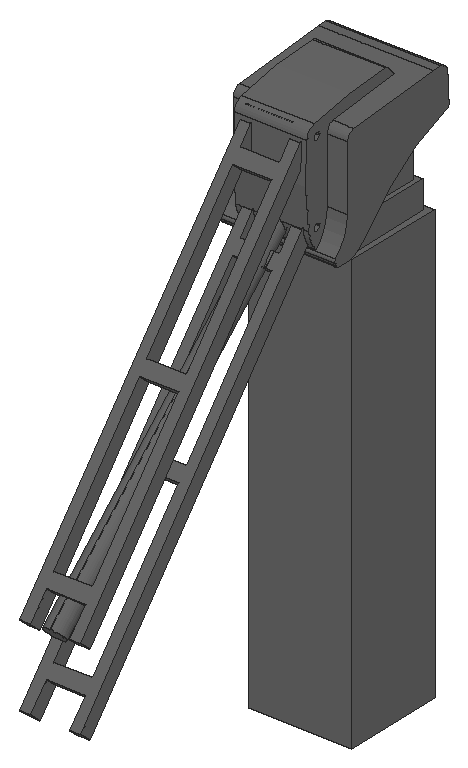
Revit family "EN 100 VJR", category Equipement spécialisé, Revit 2020 (continued)
Definition of nested family "100 VJR -I"
  Definition of nested family "Amax"
    Lines and regions (m)
      model lines
        curve 102: line (-0.15356, -0.053777, 0) -> (-0.112657, -0.095102, 0)
        curve 103: line (-0.030006, -0.095102, 0) -> (0.135296, 0.0702, 0)
        curve 104: line (-0.030006, 0.0702, 0) -> (0.135296, -0.095102, 0)
    Dimensions and locks (m)
      aligned and locked: plane 2 to Extrusion 1
      aligned and locked: level to Extrusion 1
  Definition of nested family "100 VJR EVO - Tourelle"
    Parameters (values of type "Norme")
      Default Elevation = 0.00 m
    Reference planes (m)
      plane 1 "Centre (avant/arrière)": y = 0
      plane 2: z = 0
      plane 3 "Centre (gauche/droite)": x = 0
    Dimensions and locks (m)
      aligned and locked: level to plane 2
  Definition of nested family "100 VJR EVO - Transmission Rotation"
    Parameters (values of type "Norme")
      R1 [instance] = R + 90.00°  # 90.00°
      R [instance] = 0.00°
      Default Elevation = 0.00 m
    Reference planes (m)
      plane 1 "Centre (avant/arrière)": y = 0
      plane 2: z = 0
      plane 3 "Centre (gauche/droite)": x = 0
    Dimensions and locks (m)
      "R1": angle plane 3 "Centre (gauche/droite)" to nested 1
      aligned and locked: level to plane 2
    Nested families (m)
      nested 1: "100 VJR EVO - Transmission" at (0, 0, 0), type "Norme"
    Definition of nested family "100 VJR EVO - Transmission"
      Parameters (values of type "Norme")
        Default Elevation = 0.00 m
      Reference planes (m)
        plane 1 "Centre (avant/arrière)": y = 0
        plane 2: z = 0
        plane 3 "Centre (gauche/droite)": x = 0
      Dimensions and locks (m)
        aligned and locked: level to plane 2
  Definition of nested family "100 VJR EVO - Panier Rotation"
    Parameters (values of type "Norme")
      R2 [instance] = if(R < -90.00°, 0.00°, R + 90.00°)  # 90.00°
      R1 [instance] = if(R > 90.00°, 180.00°, R2)  # 90.00°
      R [instance] = 0.00°
      Default Elevation = 0.00 m
      Acier [instance] = none
    Reference planes (m)
      plane 1 "Centre (avant/arrière)": y = 0
      plane 2: z = 0
      plane 3 "Centre (gauche/droite)": x = 0
    Dimensions and locks (m)
      "R1": angle plane 3 "Centre (gauche/droite)" to nested 1
      aligned and locked: level to plane 2
    Nested families (m)
      nested 1: "100 VJR EVO - Panier" at (0, 0, 0) x (-1, 0, 0) z (0, 0, 1), type "Norme"
    Definition of nested family "100 VJR EVO - Panier"
      Parameters (values of type "Norme")
        Default Elevation = 0.00 m
      Reference planes (m)
        plane 1 "Centre (avant/arrière)": y = 0
        plane 2: z = 0
        plane 3 "Centre (gauche/droite)": x = 0
      Dimensions and locks (m)
        aligned and locked: level to plane 2
